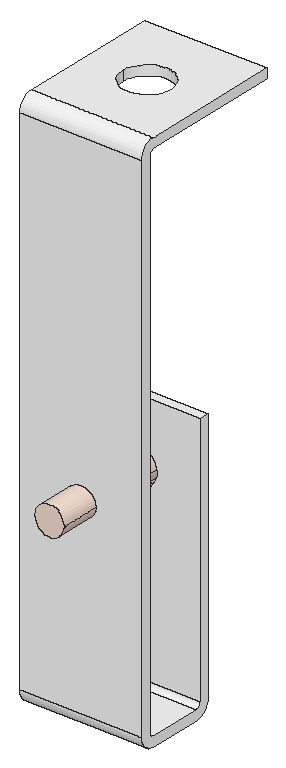
Revit family "screwhanger_c38_innner", category 機械設備, Revit 2022
Family settings
  丸型コネクタ寸法 = 直径を使用
  種別 = なし
  パーツ タイプ = 標準
  作業面ベース = いいえ
  常に垂直 = はい
  ロード時にボイドで切り取り = いいえ
  注釈の向きを維持 = いいえ
  共有 = いいえ
  部屋計算ポイント = いいえ
Parameters
  製造元 = "株式会社桐井製作所"
  既定の高さ = 0 mm
  URL = "https://www.kirii.co.jp/"
  K_材質 = "SGHC　一般用"
  K_品名 = "C-38ビス付ハンガー(内折れ)"
  K_名称 = "その他ハンガー"
  K_入数 = "200"
  K_バージョン情報 = "20211012"
  K_めっき付着量 = "Z12"
  K_JIS規格 = "JIS G 3302"
Reference planes
  plane 1 "中心(正面/背面)": y = 0
  plane 2: z = 0
  plane 3 "中心(左/右)": x = 0
  plane 4: x = 12.5
  plane 5: x = -12.5
Forms (mm)
  Extrusion 1, void
    sketch origin (0, 45.021, -44.6) x (1, 0, 0) y (0, 1, 0)
      loop
        circle (0, -30.005) r 5
    from 152.6 to 154.6
  Extrusion 2, solid
    sketch origin (2.5, 0, 0) x (0, 1, 0) y (0, 0, 1)
      loop
        line (0, 1) -> (0, 107)
        arc (0, 107) -> (0.293, 107.707) -> (1, 108) r 1
        line (1, 108) -> (30, 108) -> (30, 110) -> (1, 110)
        arc (1, 110) -> (-1.121, 109.121) -> (-2, 107) r 3
        line (-2, 107) -> (-2, 1)
        arc (-2, 1) -> (-1.121, -1.121) -> (1, -2) r 3
        line (1, -2) -> (12, -2)
        arc (12, -2) -> (14.121, -1.121) -> (15, 1) r 3
        line (15, 1) -> (15, 53) -> (13, 53) -> (13, 1)
        arc (13, 1) -> (12.707, 0.293) -> (12, 0) r 1
        line (12, 0) -> (1, 0)
        arc (1, 0) -> (0.293, 0.293) -> (0, 1) r 1
    from -15 to 10
  Extrusion 3, void
    sketch origin (0, 0, 0) x (1, 0, 0) y (0, 0, 1)
      loop
        circle (0, 40) r 3.75
    from -15 to -13
  Extrusion 4, void
    sketch origin (0, 0, 0) x (1, 0, 0) y (0, 0, 1)
      loop
        circle (0, 40) r 3
    from 0 to 2
Cuts and joins
  Extrusion 1, Extrusion 3, Extrusion 4 cuts Extrusion 2
Dimensions and locks
  aligned and locked: level to plane 2
Nested families
  nested 1: "M6×25ボルト" at (-0.011, 15, 40.2) x (-1, 0, 0) z (0, 0, 1), type "M6×25ボルト"
Definition of nested family "M6×25ボルト"
  Parameters (values of type "M6×25ボルト")
    Manufacturer = "株式会社桐井製作所"
    Default Elevation = 0 mm
    URL = "https://www.kirii.co.jp/"
    K_名称 = "M6×45ボルト"
  Reference planes
    plane 1 "中心(正面/背面)": y = 0
    plane 2: z = 0
    plane 3 "中心(左/右)": x = 0
    plane 4 "正面": y = -4
  Forms (mm)
    Extrusion 1, solid
      sketch origin (0, 0, 0) x (1, 0, 0) y (0, 0, 1)
        loop
          line (-4.763, -2.946) -> (0, -5.696) -> (4.763, -2.946) -> (4.763, 2.554) -> (0, 5.304) -> (-4.763, 2.554) -> (-4.763, -2.946)
      from 0 to 4
    Extrusion 2, void
      sketch origin (0, -4, 0) x (-1, 0, 0) y (0, 0, 1)
        loop
          circle (0, -0.156) r 4.396
      from 0 to 1
    Extrusion 3, void
      sketch origin (0, -4, 0) x (-1, 0, 0) y (0, 0, 1)
        loop
          arc (-0.6, 1.814) -> (-1.069, 0.856) -> (-2.036, 0.404) r 1.605
          line (-2.036, 0.404) -> (-2.939, 0.404)
          arc (-2.939, 0.404) -> (-3, -0.195) -> (-2.94, -0.795) r 3
          line (-2.94, -0.795) -> (-2.049, -0.795)
          arc (-2.049, -0.795) -> (-1.074, -1.243) -> (-0.6, -2.206) r 1.605
          line (-0.6, -2.206) -> (-0.6, -3.135)
          arc (-0.6, -3.135) -> (0, -3.196) -> (0.6, -3.135) r 3
          line (0.6, -3.135) -> (0.6, -2.206)
          arc (0.6, -2.206) -> (1.074, -1.243) -> (2.049, -0.795) r 1.605
          line (2.049, -0.795) -> (2.94, -0.795)
          arc (2.94, -0.795) -> (3, -0.198) -> (2.941, 0.398) r 3
          line (2.941, 0.398) -> (2.117, 0.398)
          arc (2.117, 0.398) -> (1.098, 0.828) -> (0.6, 1.814) r 1.605
          line (0.6, 1.814) -> (0.6, 2.743)
          arc (0.6, 2.743) -> (0, 2.804) -> (-0.6, 2.743) r 3
          line (-0.6, 2.743) -> (-0.6, 1.814)
      from 0 to 2
    Extrusion 4, solid
      sketch origin (0, 0, 0) x (1, 0, 0) y (0, 0, 1)
        loop
          circle (-0.011, -0.2) r 3
      from 0 to -25
  Cuts and joins
    Extrusion 2, Extrusion 3 cuts Extrusion 1
    joined: Extrusion 1, Extrusion 4
  Dimensions and locks
    aligned and locked: level to plane 2
